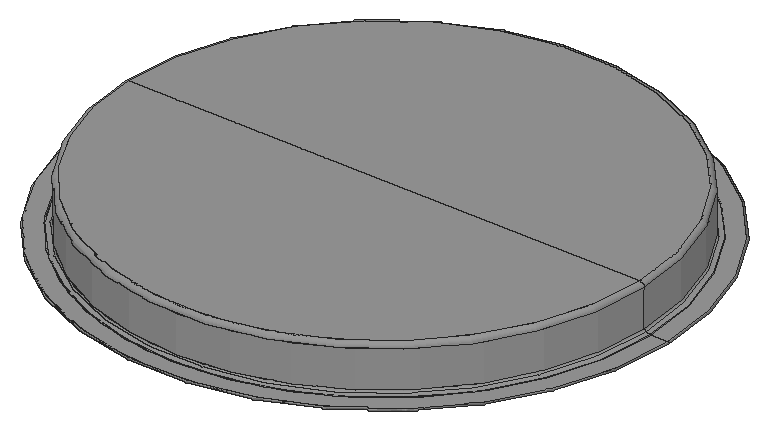
Revit family "MIA13_63_UN_Downlighter_ETK", category Lighting Fixtures, Revit 2017 (continued)
Definition of nested family "MIA.13 - Lightsource"
  Types (8, lengths in mm): name | Wattage | built-in parameter 1150134 | Photometric Web File | built-in parameter 1150142 | built-in parameter 1150105 | Lumens | built-in parameter 1150107 | built-in parameter 1150106
      175.7481 170.8884 165.4661 159.6765 \r\n154.0902 148.9101 143.8315 138.9796 134.5183 130.0492 \r\n124.666 118.9624 113.2042 107.3834 101.5314 95.8903 90.9915 \r\n86.1005 80.9829 75.67 70.3414 64.966 59.575 54.1761 48.7694 \r\n43.3784 38.1358 33.4948 28.8538 24.1113 19.3062 14.6105 \r\n10.4461 6.6411 3.7425 2.8987 2.8362 2.7737 \r\n345.652 346.9724 346.7615 346.0974 344.9019 343.48 342.5268 \r\n342.2064 342.0111 341.9095 341.9408 341.972 340.9251 \r\n339.6828 338.0186 335.7997 333.2839 331.0337 329.3226 \r\n327.674 326.3927 325.502 324.5332 322.7283 320.6813 318.228 \r\n315.2434 312.0009 308.8601 305.9536 303.0471 300.6719 \r\n298.5389 296.3357 293.7495 290.9993 288.0381 284.7644 \r\n281.3267 277.6076 273.2479 268.8804 265.2082 261.7626 \r\n258.4733 255.4184 252.5041 249.1757 244.9879 240.6204 \r\n235.9637 230.8227 225.6895 221.1032 216.6966 212.5166 \r\n208.6726 205.0473 201.1642 196.3982 191.64 186.5146 \r\n181.1313 175.7481 170.6618 165.7083 160.8094 155.9809 \r\n151.1759 146.2614 140.972 135.6825 130.4321 125.1973 \r\n119.8844 114.2746 108.4772 102.7971 97.3826 92.0775 86.8896 \r\n82.0298 77.1779 71.8181 66.2317 60.661 55.2153 49.8789 \r\n44.5504 39.2531 33.9636 29.0882 24.6894 20.361 15.8684 \r\n11.2978 6.7193 2.133 0 0 0 \r\n345.652 344.9176 345.3629 345.9489 346.1286 345.8005 \r\n345.1988 344.23 342.5971 340.9876 339.6359 338.4874 \r\n337.4326 336.9873 336.7138 336.0966 335.0496 333.737 \r\n332.0416 329.5336 327.0255 324.2831 321.4626 318.9312 \r\n317.2748 316.0091 314.5011 312.626 310.5633 308.1256 \r\n304.977 301.8361 298.1014 294.1949 290.6399 287.7569 \r\n285.2567 282.7018 279.9984 277.2404 274.0761 270.3649 \r\n266.6536 262.6533 258.5749 254.4183 250.1602 245.8395 \r\n241.6986 238.1124 234.5261 230.8462 227.1115 223.244 \r\n218.6733 213.7667 208.7116 203.4143 198.0389 192.9057 \r\n188.4757 184.0534 179.8891 175.8497 171.5681 166.5208 \r\n160.9501 155.3168 149.5351 143.7612 138.3233 133.6354 \r\n128.9554 123.8612 118.5874 113.2042 107.6412 101.9533 \r\n96.3825 91.2649 86.1786 80.811 75.1543 69.4664 64.1066 \r\n58.9265 53.7229 48.4804 43.2299 38.0577 33.3229 28.5882 \r\n23.7284 18.7827 13.923 9.8133 6.2505 3.4846 2.5627 2.594 \r\n2.6252 \r\n345.652 346.4568 346.5193 346.488 346.1442 345.2848 \r\n344.1519 342.9018 341.4329 340.0188 339.1671 338.9874 \r\n338.7843 338.2374 337.5889 336.5732 335.034 333.2057 \r\n331.1977 328.7288 326.2521 324.0722 322.0408 320.1031 \r\n318.5327 317.1185 315.4778 313.462 311.2353 308.6647 \r\n305.2348 301.797 298.2811 294.7262 291.4681 288.9132 \r\n286.7958 284.4363 281.5845 278.5686 275.209 271.1852 \r\n267.1693 262.708 258.0827 253.7855 250.082 246.8005 \r\n243.4409 239.8312 236.2138 232.1041 227.5803 223.0096 \r\n218.5796 214.2199 209.6648 204.7582 199.6406 194.6558 \r\n190.2649 185.8661 181.6001 177.4045 173.0682 168.0444 \r\n162.5518 156.981 151.2384 145.4411 139.7765 134.5808 \r\n129.3851 124.4785 119.7359 114.8605 109.5945 103.9847 \r\n98.3202 92.4838 86.6005 81.1079 76.1544 71.2712 66.177 \r\n60.9657 55.7387 50.4727 45.1832 39.9641 35.3153 30.6743 \r\n25.838 20.8141 15.7903 11.4384 7.6022 3.7659 0 0 0 \r\n345.652 344.3941 343.5112 342.683 342.5346 342.9409 \r\n343.4409 343.6206 343.4018 343.0815 341.9017 340.4485 \r\n338.7765 336.6591 334.4324 332.8698 331.9322 331.0649 \r\n330.1195 329.0726 328.0334 326.0723 324.0409 321.6736 \r\n318.8999 315.9544 313.1104 310.3758 307.7506 305.5395 \r\n303.719 301.8283 299.1171 296.3044 293.2651 289.9914 \r\n286.5771 282.8893 278.7718 274.7402 271.3415 268.31 \r\n265.3098 262.4111 259.5437 256.1059 252.0353 247.6912 \r\n243.1206 238.1592 233.1979 229.1507 225.3223 221.4939 \r\n217.6108 213.7198 209.4773 204.766 199.9297 194.8824 \r\n189.5304 184.1785 179.4125 174.7637 170.0914 165.3879 \r\n160.661 155.7934 150.629 145.4723 140.4016 135.4246 \r\n130.3774 124.6113 118.6421 112.876 107.3756 102.0314 \r\n96.8904 92.2181 87.5459 82.233 76.6388 71.0134 65.4192 \r\n59.8484 54.3792 49.082 43.8941 38.9249 34.4558 29.9867 \r\n25.1113 20.0953 15.2746 10.9149 6.8521 3.8362 3.0393 2.6096 \r\n2.1799 \r\n345.652 343.1909 343.1362 343.4175 343.8941 344.4488 \r\n344.6363 344.2456 343.5503 342.5033 340.6047 338.6983 \r\n337.167 335.7762 334.6277 333.9792 333.6354 332.9557 \r\n331.5493 329.9555 327.9787 325.3379 322.7049 320.0719 \r\n317.4389 315.0559 313.1182 311.4775 309.7195 307.5553 \r\n305.391 302.8127 299.9062 296.9138 293.1948 289.1085 \r\n285.3504 282.1627 279.3187 276.4591 273.537 270.6227 \r\n267.3725 263.9269 260.2703 255.9575 251.1915 246.5896 \r\n242.3392 238.2452 234.3621 231.1118 227.8616 223.9237 \r\n219.6422 215.1106 210.1883 204.9301 199.7969 195.1168 \r\n190.5149 185.9833 181.5454 177.1232 172.3728 167.435 \r\n162.3486 156.981 151.379 145.8551 140.886 135.9169 130.7915 \r\n125.5332 120.2438 114.9777 109.7117 104.5316 99.5312 \r\n94.6246 89.6008 83.8034 77.9983 72.4353 67.0365 61.7939 \r\n56.981 52.5822 48.0506 42.9877 37.7451 32.5338 27.4162 \r\n22.3142 17.4936 12.8682 8.2897 3.7112 0 0 0 \r\n345.652 345.9255 345.8239 345.6676 345.1129 343.9878 \r\n342.5736 341.2767 340.2297 339.2531 338.7999 338.8624 \r\n338.8468 338.0498 337.0263 335.6903 333.948 331.9869 \r\n329.807 327.1506 324.4863 322.8143 321.5564 320.2985 \r\n318.8452 317.3139 315.3528 312.7588 309.8914 306.7271 \r\n302.9534 299.1796 296.281 293.6636 291.1946 288.9054 \r\n286.7255 284.1472 280.7485 277.1779 273.2479 268.7632 \r\n264.2785 260.4735 256.8873 253.4104 250.0977 246.8865 \r\n243.4565 239.2999 235.1356 230.8852 226.5646 222.1814 \r\n217.3607 212.3291 207.5162 203.094 198.9452 195.1715 \r\n192.7104 190.2571 187.8037 185.3426 180.6704 172.7869 \r\n163.2315 155.1449 149.9805 144.8238 139.8078 134.909 \r\n130.0102 125.1582 120.3219 115.1809 109.6258 103.8831 \r\n98.203 92.6791 87.1552 82.2408 77.592 72.8885 67.8491 \r\n62.6533 57.4029 52.0822 46.7458 41.4876 36.3935 31.2993 \r\n26.8068 22.533 18.3217 14.173 10.0555 6.7583 5.1801 3.8597 \r\n2.5393 \r\n345.652 345.8395 345.402 344.816 343.7925 342.5502 341.6048 \r\n341.1204 340.8782 340.6516 340.4641 340.2766 339.4718 \r\n338.3936 337.1045 335.3465 333.276 331.1821 329.057 326.963 \r\n325.2207 324.2597 323.2987 321.8689 320.2438 318.2983 \r\n315.7512 312.751 309.6414 306.1411 302.6174 299.8516 \r\n297.8592 295.9528 293.6323 291.1009 288.3038 285.0223 \r\n281.397 277.6467 273.287 268.9194 265.091 261.6298 258.278 \r\n255.059 251.9337 248.5897 244.7222 240.6047 236.4482 \r\n232.1197 227.7912 223.0956 218.1733 213.3135 208.8054 \r\n204.6332 200.4922 196.4997 192.5385 188.1788 183.1706 \r\n178.0764 172.6307 166.974 161.497 156.52 151.9962 147.449 \r\n142.6361 137.8155 132.7526 127.4396 122.0642 116.4857 \r\n110.7274 105.1488 100.0156 95.2184 90.4055 85.3739 80.3344 \r\n75.1856 69.9273 64.7004 59.8015 55.2465 50.6055 45.6129 \r\n40.4485 35.3856 30.6508 25.9552 21.6736 17.7123 13.8448 \r\n9.9773 6.1099 2.2424 0 \r\n345.652 342.644 342.5815 342.894 343.2456 343.6362 343.8862 \r\n343.6675 342.894 342.0267 340.4172 338.6436 336.9326 \r\n335.3543 333.8073 332.7291 332.0884 331.3696 330.2836 \r\n328.7991 327.3146 325.0332 322.7362 320.2125 317.4389 \r\n314.5715 312.0088 309.8133 307.6334 305.5551 303.5472 \r\n301.4689 298.9218 296.3122 293.1323 289.3976 285.4442 \r\n281.5532 277.7483 274.0527 271.1774 268.6929 265.9973 \r\n262.6455 259.1218 255.2699 251.0821 246.7302 242.1283 \r\n237.1513 232.1666 228.3772 224.7988 221.0954 217.1498 \r\n213.0948 208.7507 204.0003 199.2187 194.5074 189.8742 \r\n185.241 179.9906 174.6465 169.4976 164.63 159.9031 155.3168 \r\n150.9805 146.5818 141.6126 136.1825 130.7133 125.002 \r\n119.2124 113.6183 108.2506 103.0471 98.1249 93.7964 89.4601 \r\n84.3582 78.9905 73.6386 68.4428 63.3018 58.3796 53.762 \r\n49.2226 44.6285 39.9484 35.2606 30.6274 26.002 21.6111 \r\n17.6654 13.9855 10.579 7.7272 4.9457 2.1564 \r\n345.652 343.269 342.6518 342.2533 342.4096 342.9096 \r\n343.3081 343.3393 343.0268 342.5971 341.1517 339.6437 \r\n337.8936 335.8622 333.7683 332.5104 331.9244 331.2603 \r\n330.4086 329.4085 328.3069 326.0645 323.83 321.3298 \r\n318.6186 315.845 313.1573 310.5633 308.0944 306.1099 \r\n304.3597 302.4611 300.0781 297.6404 294.5308 290.8977 \r\n287.0927 283.1862 279.1702 275.2559 272.201 269.3492 \r\n266.4271 263.3956 260.3328 256.7076 252.5666 248.2616 \r\n243.6753 238.7843 233.9011 230.182 226.4943 222.7127 \r\n218.8296 214.884 210.618 205.9458 201.2657 196.5857 191.89 \r\n187.1396 181.9048 176.6154 171.5993 166.8568 162.1767 \r\n157.3326 152.2228 147.1443 142.2924 137.5342 132.5807 \r\n127.0177 121.2985 115.7981 110.5321 105.4223 100.5938 \r\n96.2106 91.8197 86.6318 81.2954 75.9825 70.7243 65.4973 \r\n60.6297 56.2466 51.8947 47.4334 42.8627 38.2921 33.737 \r\n29.1898 24.7519 20.4469 16.2044 11.9697 7.7272 3.4925 0 \r\n345.652 344.3628 344.5191 344.8629 344.7222 344.1206 \r\n343.269 342.0502 340.2844 338.628 337.7764 337.2842 336.831 \r\n336.4638 336.12 335.2606 333.862 332.2291 330.2992 327.9475 \r\n325.5957 323.1815 320.7594 318.6499 317.0716 315.7122 \r\n314.1574 312.3603 310.3992 307.8756 304.7113 301.5548 \r\n297.7811 293.9136 290.4446 287.4756 284.7644 282.1861 \r\n279.8422 277.4045 274.2089 270.4196 266.5443 262.122 \r\n257.5436 253.301 249.457 245.7926 242.1595 238.5733 \r\n234.9793 230.9165 226.7052 222.4549 218.1733 213.8761 \r\n209.2038 204.0003 198.7108 193.7417 189.3195 184.8973 \r\n180.3344 175.7325 171.0915 166.3958 161.6611 156.6294 \r\n150.9884 145.316 139.8469 134.6355 129.4164 124.8301 \r\n120.4391 115.759 110.6571 105.3051 99.9141 94.4293 88.9444 \r\n83.4987 78.0764 72.7791 68.2866 64.1769 59.8172 55.0668 \r\n50.1524 45.316 40.7297 36.1356 32.0025 28.0803 24.1816 \r\n20.2516 16.2903 12.4619 8.9226 5.4536 1.9923 \r\n345.652 346.3786 346.5661 346.7146 347.0193 347.3865 \r\n347.4412 346.9959 346.2614 345.2067 343.2299 341.2454 \r\n339.4718 337.7842 336.3388 335.5106 335.0809 334.3542 \r\n333.0026 331.4478 329.5336 326.8068 324.0878 321.072 \r\n317.9311 315.1652 313.1495 311.6806 310.0477 307.86 \r\n305.6333 302.8127 299.4218 295.945 292.2338 288.3975 \r\n284.7176 281.3423 278.1545 275.0059 272.0681 269.1304 \r\n265.5911 261.6611 257.6061 253.3948 249.0585 244.691 \r\n240.2453 235.784 231.4321 227.5334 223.6347 219.7125 \r\n215.7903 211.6337 206.8834 201.6017 196.3122 190.968 \r\n185.6161 180.7251 176.5529 172.4666 167.8256 162.8565 \r\n157.7389 152.4103 146.8865 141.3392 135.5887 129.8383 \r\n124.6738 120.1031 115.6575 110.8602 105.7739 100.7266 \r\n95.7653 90.8587 85.8739 80.186 74.4902 69.107 63.9581 \r\n58.9421 54.1917 49.7148 45.277 41.0188 36.8466 32.5807 \r\n28.0647 23.5175 19.3218 15.384 11.704 8.5632 6.0161 3.469 \r\n0.9219 \r\n345.652 348.9491 349.0663 348.7851 348.2381 347.1287 \r\n345.6754 344.3003 343.0815 341.9252 341.1595 341.0345 \r\n340.9173 340.1828 339.2374 337.9561 336.1513 333.987 \r\n331.7525 329.2601 326.7599 324.6972 322.9627 321.2673 \r\n319.5718 317.8686 315.9934 313.8292 311.454 308.8288 \r\n305.2035 301.5704 297.9452 294.6793 291.6478 288.7335 \r\n285.9598 283.3268 280.6 277.4904 274.2558 270.6696 266.3099 \r\n261.8564 257.4185 252.9963 248.7772 245.0895 241.972 \r\n238.7608 234.9246 230.9946 226.7521 222.0955 217.3373 \r\n212.1572 206.6099 201.2735 196.5622 192.4135 188.2569 \r\n183.7722 179.2874 174.4511 169.2867 164.0284 158.9577 \r\n154.098 149.121 143.6597 137.9014 132.2603 127.1037 \r\n122.0095 117.1967 112.626 108.0241 102.9768 97.3357 91.7181 \r\n86.2489 80.8344 75.4981 70.3414 65.2238 60.5047 56.1763 \r\n51.8634 47.3474 42.5893 37.8233 33.2526 28.7054 24.4316 \r\n20.5329 16.7904 13.1651 9.6961 6.227 2.7658 0 \r\n345.652 345.4411 345.9333 346.5193 346.8787 347.0506 \r\n347.0115 346.4411 345.2379 343.9566 342.1361 340.1672 \r\n338.4796 337.292 336.245 335.3387 334.5808 333.7058 \r\n332.4557 330.7837 329.1116 326.2442 323.3378 320.4625 \r\n317.6264 314.8215 312.4697 310.6805 308.8366 306.7974 \r\n304.5941 302.2736 298.9296 295.4684 291.6947 287.6084 \r\n283.5143 279.9828 277.3264 274.6308 271.6618 268.56 \r\n265.2629 261.3251 257.2076 252.7932 248.0663 243.3237 \r\n238.878 234.8855 230.893 227.0099 223.1346 219.0718 \r\n214.6418 210.0633 205.4457 200.7813 196.0466 191.0149 \r\n185.6317 180.2485 175.4356 170.7086 166.1067 161.6611 \r\n157.2779 152.5041 146.9959 141.4798 135.9091 130.2992 \r\n124.7051 119.3531 114.0636 109.0788 104.4847 99.9922 \r\n95.1793 89.6711 84.1628 78.6468 73.1229 67.7787 62.9815 \r\n58.4343 53.887 49.3398 44.7769 40.1438 35.3934 30.6352 \r\n26.3067 22.1111 18.0483 14.1808 10.4383 7.3053 5.4145 \r\n3.6565 1.8908 \r\n345.652 347.2615 347.7615 348.0897 347.699 346.9568 \r\n345.9411 344.4332 342.6674 341.1126 340.3703 339.6281 \r\n339.1827 338.8937 338.4952 337.4561 335.9716 334.2136 \r\n331.8306 329.221 326.6818 324.3691 322.0564 320.3532 \r\n318.9468 317.4467 315.5168 313.2432 310.8446 308.0397 \r\n305.1645 301.9064 298.1327 294.2964 291.1399 288.3819 \r\n285.6239 282.8033 279.9281 276.9982 273.6229 270.2477 \r\n266.2161 261.5986 256.8638 252.426 248.2225 244.2535 \r\n240.8782 237.8545 234.698 230.5571 226.4083 221.7595 \r\n216.7357 211.5634 206.2583 200.8126 195.6247 191.3821 \r\n187.499 183.405 178.8187 174.162 169.0913 163.7159 158.3405 \r\n153.1448 148.1522 143.1206 137.7529 132.3307 127.0724 \r\n122.0486 117.0873 112.2275 107.4615 102.5471 97.242 91.5462 \r\n85.8583 80.4594 75.0527 69.7789 64.6222 59.5437 54.7387 \r\n50.2539 45.7067 40.9173 35.9637 31.0259 26.1739 21.322 \r\n17.0873 13.4229 9.9617 6.4927 3.0315 0 0 \r\n345.652 346.7693 345.8473 344.6754 344.1831 344.0816 \r\n344.0503 344.1128 344.23 344.23 343.1987 342.1439 340.5344 \r\n338.4093 336.1669 334.1042 332.1822 330.4633 329.2367 \r\n328.3069 327.2834 325.5176 323.7597 321.6111 318.9155 \r\n316.0169 313.0401 309.9852 307.0084 304.3675 302.0783 \r\n299.7812 297.3748 294.9527 292.1009 288.7413 285.1395 \r\n281.4204 277.4904 273.5761 269.7789 266.0677 262.4189 \r\n259.028 255.7153 252.3557 248.9413 245.402 241.4095 236.581 \r\n231.7525 226.7208 221.6345 216.8841 212.9385 209.3445 \r\n205.391 200.9219 196.3044 191.5071 186.4364 181.3579 \r\n175.8262 170.193 164.841 159.9656 155.3559 150.6446 \r\n145.7379 140.8001 135.7059 130.4477 125.2051 120.2203 \r\n115.3059 110.1414 104.6097 98.8984 93.2807 87.8975 82.5143 \r\n77.5217 72.7088 67.8491 62.6768 57.356 52.1213 47.0271 \r\n41.9798 36.9169 31.8072 26.7052 22.2517 18.0405 14.0792 \r\n10.6336 7.5084 5.0707 4.0784 3.3596 2.6486 \r\n345.652 344.7222 344.7613 344.941 345.2535 345.6286 \r\n345.6676 345.191 344.4566 343.4487 341.7533 340.0578 \r\n338.2764 336.456 334.8934 333.948 333.401 332.6666 331.5728 \r\n330.3461 328.6741 326.1505 323.6268 320.611 317.4154 \r\n314.4699 312.0244 309.9227 307.8756 306.063 304.2503 \r\n301.7814 298.7343 295.5856 291.9525 288.085 284.3503 \r\n280.8344 277.467 274.1777 271.2399 268.3022 264.9738 \r\n261.411 257.7389 253.8636 249.8476 245.6129 240.8938 \r\n236.0106 231.3149 227.3303 223.3378 219.3062 215.259 \r\n211.1337 206.8365 202.383 197.742 192.4135 186.9365 \r\n181.5845 176.42 171.2712 166.8255 162.794 158.5514 153.762 \r\n148.5116 143.2221 137.6045 131.9712 126.5568 121.3376 \r\n116.1653 110.9071 105.5864 100.2578 94.9059 89.5304 84.1394 \r\n78.5999 73.0682 67.8256 62.8018 57.8248 52.6916 47.41 \r\n42.183 37.1201 32.1431 27.299 22.8299 18.4077 14.1417 \r\n10.0008 5.8833 1.7736 0 0 0 \r\n345.652 344.8238 345.2457 345.8317 346.0583 345.9098 \r\n345.527 344.7066 343.1987 341.6673 339.9719 338.1827 \r\n336.6513 336.0263 335.6512 334.9793 333.9792 332.7604 \r\n331.1274 328.8069 326.4864 323.7206 320.8688 318.2671 \r\n316.1888 314.3371 312.4541 310.5477 308.5788 306.3599 \r\n303.7894 301.2188 297.4373 293.4526 289.6242 286.0458 \r\n282.5924 279.3734 276.5841 273.787 270.8258 267.7319 \r\n264.5207 260.2625 255.6997 251.129 246.5427 242.0189 \r\n237.8701 234.5886 231.3149 227.4475 223.3456 219.064 \r\n214.2824 209.2742 204.3128 199.4218 194.5621 189.7414 \r\n185.0066 180.2719 175.5528 170.8415 165.9739 160.8173 \r\n155.4887 150.2617 145.2535 140.2453 135.0262 129.4867 \r\n123.9472 118.6343 113.3995 108.2272 103.1643 98.1639 \r\n92.9604 87.1162 81.272 75.545 69.9039 64.38 59.6062 55.1996 \r\n50.5508 45.4879 40.2141 34.9168 29.5336 24.1503 19.1109 \r\n14.2355 9.8523 6.8677 4.8363 3.3596 3.1252 3.2815 3.4378 \r\n345.652 345.8708 344.8082 343.8706 343.2768 342.8237 \r\n342.7455 343.1206 343.3393 342.9643 342.1283 341.1829 \r\n339.4406 337.5967 335.5653 333.3542 331.1821 329.6117 \r\n328.9319 328.1741 326.7755 325.0801 323.2284 320.9157 \r\n318.478 315.6418 312.3916 309.1413 306.3052 304.0863 \r\n301.8673 299.75 297.6561 295.1949 292.1009 288.7413 \r\n285.0535 280.936 276.8498 273.1542 269.9352 266.724 \r\n263.6065 260.5047 257.0982 253.2854 249.246
       244.9019 \r\n239.9797 235.1043 230.604 226.3927 222.2283 218.3452 \r\n214.5402 210.4461 206.0005 201.3829 196.7497 192.0853 \r\n187.4131 182.1705 176.7326 171.3806 166.3724 161.5126 \r\n156.8326 152.4103 147.9725 143.0659 137.2842 131.4946 \r\n125.6114 119.7047 113.8995 108.321 102.8674 97.617 92.7729 \r\n87.9366 82.8112 77.2717 71.7322 66.0911 60.411 54.9809 \r\n49.9492 45.152 40.2844 35.2059 30.1352 25.0801 20.0484 \r\n15.134 11.0477 7.3678 3.6878 0 0 0 0 \r\n345.652 347.0896 345.9958 344.5816 343.4253 342.6049 \r\n341.972 341.6517 341.8939 342.0658 341.6517 340.7532 \r\n339.7297 337.8467 335.7294 333.5495 331.2993 329.096 \r\n327.3224 326.4552 325.5879 324.1034 322.4002 320.4625 \r\n317.9076 315.0715 312.1025 308.9382 305.7895 302.9221 \r\n300.6016 298.2811 295.8591 293.4135 290.7962 287.8741 \r\n284.7801 281.2798 276.9357 272.5525 268.4975 264.8801 \r\n261.2626 257.8561 254.5121 251.0977 247.574 243.9566 \r\n240.0031 235.0496 230.1039 225.2129 220.361 215.634 \r\n211.7431 208.2428 204.3988 199.9687 195.234 190.3586 \r\n185.0379 179.7094 174.623 169.6304 164.6769 159.7859 \r\n154.9262 149.9961 144.9019 139.7453 134.448 128.8304 \r\n123.2206 117.7983 112.4619 107.0709 101.547 95.9137 90.3196 \r\n84.8348 79.3578 74.1777 69.2945 64.4503 59.1843 53.7073 \r\n48.2538 42.8393 37.4717 32.2291 27.6193 23.0096 18.3374 \r\n13.6183 9.1648 6.2505 4.4535 3.0862 2.7111 2.8049 2.8987 \r\n" | 143.24 (stored number, unit not read) | 1800 lm | 3000 (stored number, unit not read) | 1.4324 (stored number, unit not read)
